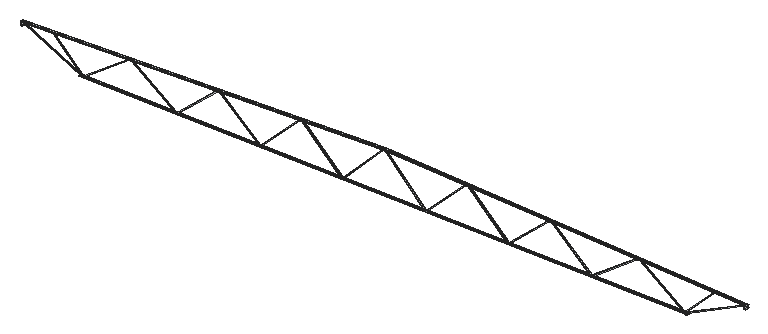
Revit family "M_Caibro de barra com duplo declive série SLH-7 Painéis", category Quadro estrutural, Revit 2019
Family settings
  Arredondamento do comprimento do framing estrutural = 1 mm
  Forma do corte = Não definido
  Material para o comportamento do modelo = Aço
  Exportar sempre como geometria = Sim
  Número OmniClass = 23.25.30.21.14.11
  Título OmniClass = Metal Joists
  ID de item do Seek = SLH-Series Double Pitch Bar Joist-7 Panel-0000-CAN-ENU
  Sempre na vertical = Sim
  Corte com vazios quando carregada = Não
  Representação simbólica = Da família
  Compartilhado = Não
  Exibir o pré-corte da família na vista da planta = Sim
Parameters (values of type "96SLH17")
  Painel variável [instance] = (Length - (Painel final * 2) - ComprimentoPainelInt) / 2  # 5503 mm
  Material estrutural = none
  Deslocamento inicial [instance] = 0 mm
  Extensão inicial [instance] = 0 mm
  Ângulo intenso = 2.00°
  LarguraPainelInt [instance] = 2 * Linear  # 4876 mm
  Deslocamento1 = Perna da corda * sin(Ângulo intenso)  # 2.216 mm
  Deslocamento [instance] = (0.5 * Length - (Deslocamento inicial - Extensão inicial)) * tan(Ângulo intenso)  # 745.558 mm
  NumPainel = 7
  M = 77
  Espessura da teia = 25 mm
  Comprimento do assento = 150 mm
  Profundidade do assento = 190 mm
  NumPainelInt [instance] = NumPainel - 2  # 5
  ComprimentoPainelInt [instance] = LarguraPainelInt * NumPainelInt  # 24380 mm
  Altura 2 [instance] = (Painel variável / 2 + LarguraPainelInt / 2) * tan(Ângulo intenso)  # 181.221 mm
  Altura 1 [instance] = LarguraPainelInt * tan(Ângulo intenso)  # 170.274 mm
  Painel final = 1.5 * Linear  # 3657 mm
  Deslocamento final [instance] = 0 mm
  Extensão final [instance] = 0 mm
  Perna da corda = 63.5 mm
  Espessura da corda = 12.5 mm
  Deslocamento da mescla [instance] = (Extensão inicial + Comprimento do assento) * tan(Ângulo intenso)  # 5.238 mm
  Assembly Code = ""
  Length [instance] = 42700 mm
  Linear = 2438 mm
Reference planes
  plane 1 "Centro (Frente/Trás)": y = 0
  plane 2: z = 0
  plane 3 "Centro (Esquerda/Direita)": x = 4.61
  plane 4 "Membro esquerdo": x = -7051.39
  plane 5 "Membro direito": x = 6760.61
  plane 6: y = 76
  plane 7: y = -76
  plane 8: z = 1219
  plane 9: z = -1219
  plane 10 "Esquerda": x = -21345.39
  plane 11 "Símbolo esquerdo de verga": x = -25484.979
  plane 12 "Símbolo direito de verga": x = 25456.61
  plane 13 "Direita": x = 21354.61
  plane 14: z = 1029
  plane 15: x = -21195.39
  plane 16: x = -17688.39
  plane 17: x = -17888.39
  plane 18: x = 21204.61
  plane 19: x = 17697.61
  plane 20: y = 12.5
  plane 21: y = -12.5
  plane 22: z = 1155.5
  plane 23: z = -1155.5
  plane 24: x = 17897.61
  plane 25: x = -19441.89
  plane 26: x = 19451.11
  plane 27: z = -1212.65
  plane 28: z = 1212.65
  plane 29: x = -21345.39
  plane 30: x = 21354.61
  plane 31: x = -21345.39
  plane 32: x = 21354.61
  plane 33: z = 473.442
  plane 34: z = 409.942
  plane 35: x = -12185.39
  plane 36: x = -7309.39
  plane 37: x = -2433.39
  plane 38: x = 2442.61
  plane 39: x = 7318.61
  plane 40: x = 12194.61
  plane 41: z = 283.442
  plane 42: z = 1048.726
  plane 43: z = 878.453
  plane 44: z = 697.231
  plane 45: x = -25484.979
  plane 46: x = -25484.979
  plane 47: x = 25456.61
  plane 48 "Direita do símbolo": x = 25456.61
Forms (mm)
  Extrusion 1, solid, material <- "Material estrutural", detail levels medium+fine
    sketch origin (4.61, 0, 0) x (0, 1, 0) y (0, 0, 1)
      loop
        line (12.5, -1155.5) -> (12.5, -1219) -> (76, -1219) -> (76, -1206.5) -> (25, -1206.5) -> (25, -1155.5) -> (12.5, -1155.5)
      loop
        line (-12.5, -1155.5) -> (-25, -1155.5) -> (-25, -1206.5) -> (-76, -1206.5) -> (-76, -1219) -> (-12.5, -1219) -> (-12.5, -1155.5)
    from -17893 to 17893
  Sweep 2, solid, material <- "Material estrutural", detail levels fine
    path in 3D
      loop
        line (17697.61, 0, -1212.65) -> (21204.61, 0, 415.18)
    profile "Teia-Perfil : Teia-Perfil" origin (19451.11, 0, -398.735) x (-0.421022, 0, 0.90705) y (0, -1, 0)
      loop
        line (-25.4, 18.85) -> (-25.4, 6.15) -> (25.4, 6.15) -> (25.4, 18.85) -> (-25.4, 18.85)
  Sweep 3, solid, material <- "Material estrutural", detail levels fine
    path in 3D
      loop
        line (19451.11, 0, 476.413) -> (17697.61, 0, -1212.65)
    profile "Teia-Perfil : Teia-Perfil" origin (18574.36, 0, -368.118) x (0.69375, 0, -0.720216) y (0, -1, 0)
      loop
        line (-25.4, 6.35) -> (-25.4, -6.35) -> (25.4, -6.35) -> (25.4, 6.35) -> (-25.4, 6.35)
  Sweep 4, solid, material <- "Material estrutural", detail levels fine
    path in 3D
      loop
        line (-21195.39, 0, 415.18) -> (-17688.39, 0, -1212.65)
    profile "Teia-Perfil : Teia-Perfil" origin (-19441.89, 0, -398.735) x (0.421022, 0, 0.90705) y (0, -1, 0)
      loop
        line (-25.4, 6.35) -> (-25.4, -6.35) -> (25.4, -6.35) -> (25.4, 6.35) -> (-25.4, 6.35)
  Sweep 5, solid, material <- "Material estrutural", detail levels fine
    path in 3D
      loop
        line (-17688.39, 0, -1212.65) -> (-19441.89, 0, 476.413)
    profile "Teia-Perfil : Teia-Perfil" origin (-18565.14, 0, -368.118) x (-0.69375, 0, -0.720216) y (0, -1, 0)
      loop
        line (-25.4, 6.35) -> (-25.4, -6.35) -> (25.4, -6.35) -> (25.4, 6.35) -> (-25.4, 6.35)
  Blend 6, solid, material <- "Material estrutural", detail levels medium+fine
    base sketch origin (-21345.39, -4572, 184.138) x (0, 0, -1) y (0, -1, 0)
      loop
        line (-225.803, -4584.5) -> (-225.803, -4597) -> (-111.803, -4597) -> (-111.803, -4648) -> (-99.303, -4648) -> (-99.303, -4584.5) -> (-225.803, -4584.5)
    top sketch origin (-21345.39, -4572, 184.138) x (0, 0, -1) y (0, -1, 0)
      loop
        line (-111.803, -4597) -> (-111.803, -4648) -> (-99.303, -4648) -> (-99.303, -4584.5) -> (-231.041, -4584.5) -> (-231.041, -4597) -> (-111.803, -4597)
    from 0 to -150
  Blend 7, solid, material <- "Material estrutural", detail levels medium+fine
    base sketch origin (-21345.39, -4572, 184.138) x (0, 0, -1) y (0, -1, 0)
      loop
        line (-289.303, -4584.5) -> (-289.303, -4648) -> (-276.803, -4648) -> (-276.803, -4597) -> (-225.803, -4597) -> (-225.803, -4584.5) -> (-289.303, -4584.5)
    top sketch origin (-21345.39, -4572, 184.138) x (0, 0, -1) y (0, -1, 0)
      loop
        line (-1034.862, -4584.5) -> (-1034.862, -4648) -> (-1022.362, -4648) -> (-1022.362, -4597) -> (-971.362, -4597) -> (-971.362, -4584.5) -> (-1034.862, -4584.5)
    from 0 to -21350
  Blend 8, solid, material <- "Material estrutural", detail levels medium+fine
    base sketch origin (-21345.39, -4572, 184.138) x (0, 0, -1) y (0, -1, 0)
      loop
        line (-289.303, -4496) -> (-289.303, -4559.5) -> (-225.803, -4559.5) -> (-225.803, -4547) -> (-276.803, -4547) -> (-276.803, -4496) -> (-289.303, -4496)
    top sketch origin (-21345.39, -4572, 184.138) x (0, 0, -1) y (0, -1, 0)
      loop
        line (-1034.862, -4559.5) -> (-971.362, -4559.5) -> (-971.362, -4547) -> (-1022.362, -4547) -> (-1022.362, -4496) -> (-1034.862, -4496) -> (-1034.862, -4559.5)
    from 0 to -21350
  Blend 9, solid, material <- "Material estrutural", detail levels medium+fine
    base sketch origin (21354.61, -4572, 849.319) x (0, 0, 1) y (0, -1, 0)
      loop
        line (-375.877, -4496) -> (-388.377, -4496) -> (-388.377, -4547) -> (-439.377, -4547) -> (-439.377, -4559.5) -> (-375.877, -4559.5) -> (-375.877, -4496)
    top sketch origin (21354.61, -4572, 849.319) x (0, 0, 1) y (0, -1, 0)
      loop
        line (357.181, -4496) -> (357.181, -4547) -> (306.181, -4547) -> (306.181, -4559.5) -> (369.681, -4559.5) -> (369.681, -4496) -> (357.181, -4496)
    from 0 to -21350
  Blend 10, solid, material <- "Material estrutural", detail levels medium+fine
    base sketch origin (21354.61, -4572, 849.319) x (0, 0, 1) y (0, -1, 0)
      loop
        line (-375.877, -4584.5) -> (-439.377, -4584.5) -> (-439.377, -4597) -> (-388.377, -4597) -> (-388.377, -4648) -> (-375.877, -4648) -> (-375.877, -4584.5)
    top sketch origin (21354.61, -4572, 849.319) x (0, 0, 1) y (0, -1, 0)
      loop
        line (357.181, -4597) -> (357.181, -4648) -> (369.681, -4648) -> (369.681, -4584.5) -> (306.181, -4584.5) -> (306.181, -4597) -> (357.181, -4597)
    from 0 to -21350
  Blend 11, solid, material <- "Material estrutural", detail levels medium+fine
    base sketch origin (-21345.39, -4572, 184.138) x (0, 0, -1) y (0, -1, 0)
      loop
        line (-225.803, -4559.5) -> (-99.303, -4559.5) -> (-99.303, -4496) -> (-111.803, -4496) -> (-111.803, -4547) -> (-225.803, -4547) -> (-225.803, -4559.5)
    top sketch origin (-21345.39, -4572, 184.138) x (0, 0, -1) y (0, -1, 0)
      loop
        line (-111.803, -4547) -> (-231.041, -4547) -> (-231.041, -4559.5) -> (-99.303, -4559.5) -> (-99.303, -4496) -> (-111.803, -4496) -> (-111.803, -4547)
    from 0 to -150
  Blend 12, solid, material <- "Material estrutural", detail levels medium+fine
    base sketch origin (21354.61, -4572, 849.319) x (0, 0, 1) y (0, -1, 0)
      loop
        line (-553.377, -4547) -> (-553.377, -4496) -> (-565.877, -4496) -> (-565.877, -4559.5) -> (-439.377, -4559.5) -> (-439.377, -4547) -> (-553.377, -4547)
    top sketch origin (21354.61, -4572, 849.319) x (0, 0, 1) y (0, -1, 0)
      loop
        line (-434.139, -4559.5) -> (-434.139, -4547) -> (-553.377, -4547) -> (-553.377, -4496) -> (-565.877, -4496) -> (-565.877, -4559.5) -> (-434.139, -4559.5)
    from 0 to -150
  Blend 13, solid, material <- "Material estrutural", detail levels medium+fine
    base sketch origin (21354.61, -4572, 849.319) x (0, 0, 1) y (0, -1, 0)
      loop
        line (-439.377, -4584.5) -> (-565.877, -4584.5) -> (-565.877, -4648) -> (-553.377, -4648) -> (-553.377, -4597) -> (-439.377, -4597) -> (-439.377, -4584.5)
    top sketch origin (21354.61, -4572, 849.319) x (0, 0, 1) y (0, -1, 0)
      loop
        line (-434.139, -4597) -> (-434.139, -4584.5) -> (-565.877, -4584.5) -> (-565.877, -4648) -> (-553.377, -4648) -> (-553.377, -4597) -> (-434.139, -4597)
    from 0 to -150
Cuts and joins
  joined: Blend 8, Blend 9
  joined: Blend 7, Blend 10
Lines and regions (mm)
  symbolic lines, style "StructuralFraming", detail levels coarse
    curve 1: line (0, 76, 1219) -> (0, 12.5, 1219)
    curve 2: line (0, -76, -1219) -> (0, -12.5, -1219)
    curve 14: line (0, 12.5, -1219) -> (0, 76, -1219)
    curve 15: line (4.61, 12.5, -1219) -> (4.61, 12.5, -1155.5)
    curve 16: line (4.61, -12.5, -1219) -> (4.61, -12.5, -1155.5)
    curve 17: line (4.61, -12.5, 1219) -> (4.61, -12.5, 1155.5)
    curve 18: line (4.61, 12.5, 1219) -> (4.61, 12.5, 1155.5)
    curve 19: line (0, -12.5, 1219) -> (0, -76, 1219)
  symbolic lines, style "StructuralFraming", detail levels coarse+medium
    curve 3: line (0, 0, -1219) -> (0, 0, 1219)
  reference lines
    curve 4: line (-25334.979, 0, -1342.508) -> (-25334.979, 0, 1298.692)
    curve 5: line (-21677.979, 0, -1348.858) -> (-21677.979, 0, 1298.692)
    curve 6: line (25306.61, 0, -1289.588) -> (25306.61, 0, 1300.812)
    curve 7: line (21649.61, 0, -1416.588) -> (21649.61, 0, 1300.812)
    curve 30: line (4.61, 0, 1219) -> (-55.353, 0, 1221.094)
    curve 31: line (4.61, 0, 1219) -> (52.104, 0, 1220.659)
  model lines, style "Caibro da teia", detail levels coarse
    curve 8: line (21649.61, 0, -1219) -> (-21677.979, 0, -1219)
    curve 9: line (25456.61, 0, 330.197) -> (4.61, 0, 1219)
    curve 24: line (-21677.979, 0, -1219) -> (-25334.979, 0, 334.122)
    curve 25: line (21649.61, 0, -1219) -> (25306.61, 0, 335.435)
    curve 32: line (4.61, 0, 1219) -> (-25484.979, 0, 328.884)
  model lines, style "StructuralFraming", detail levels medium
    curve 10: line (-17688.39, 0, -1212.65) -> (-19441.89, 0, 476.413)
    curve 11: line (-21195.39, 0, 415.18) -> (-17688.39, 0, -1212.65)
    curve 12: line (19451.11, 0, 476.413) -> (17697.61, 0, -1212.65)
    curve 13: line (17697.61, 0, -1212.65) -> (21204.61, 0, 415.18)
  sketch lines
    curve 20: line (17697.61, 0, -1212.65) -> (21204.61, 0, 415.18)
    curve 21: line (19451.11, 0, 476.413) -> (17697.61, 0, -1212.65)
    curve 22: line (-21195.39, 0, 415.18) -> (-17688.39, 0, -1212.65)
    curve 23: line (-17688.39, 0, -1212.65) -> (-19441.89, 0, 476.413)
  symbolic lines, detail levels fine
    curve 26: line (4.61, 12.5, -1212.65) -> (4.61, -12.5, -1212.65)
    curve 27: line (4.61, 12.5, -1155.5) -> (4.61, 12.5, 1155.5)
    curve 28: line (4.61, 12.5, 1212.65) -> (4.61, -12.5, 1212.65)
    curve 29: line (4.61, -12.5, -1155.5) -> (4.61, -12.5, 1155.5)
Dimensions and locks
  equal spacing: plane 9, plane 2, plane 8
  "Length": plane 10 "Esquerda" to plane 13 "Direita"
  equal spacing: plane 10 "Esquerda", plane 3 "Centro (Esquerda/Direita)", plane 13 "Direita"
  "Painel final": curve 5 to curve 4
  "Painel final": curve 6 to curve 7
  "Linear": plane 9 to plane 8
  "Profundidade do assento": plane 8 to plane 14
  locked: plane 17 to plane 16 at 200
  "Painel final": plane 13 "Direita" to plane 19
  "Espessura da teia": plane 20 to plane 21
  equal spacing: plane 20, plane 1 "Centro (Frente/Trás)", plane 21
  "Perna da corda": plane 21 to plane 7
  "Perna da corda": plane 6 to plane 20
  "Perna da corda": plane 9 to plane 23
  "Perna da corda": plane 22 to plane 8
  "Espessura da corda": plane 9 to Extrusion 1 sketch curve  (x2)
  "Espessura da corda": Extrusion 1 sketch curve to plane 20
  "Espessura da corda": plane 21 to Extrusion 1 sketch curve
  locked: plane 19 to plane 24 at 200
  locked: plane 27 to plane 9 at 6.35
  locked: plane 8 to plane 28 at 6.35
  equal spacing: plane 16, plane 25, plane 15
  equal spacing: plane 18, plane 26, plane 19
  "Extensão inicial": plane 29 to plane 31
  "Comprimento do assento": plane 31 to plane 15
  "Deslocamento inicial": plane 10 "Esquerda" to plane 31
  "Deslocamento final": plane 32 to plane 13 "Direita"
  "Comprimento do assento": plane 18 to plane 32
  "Extensão final": plane 30 to plane 32
  "Deslocamento": plane 8 to plane 33
  "Perna da corda": plane 33 to plane 34
  locked: level to plane 2 at 0
  "Painel final": plane 10 "Esquerda" to plane 16
  "Espessura da corda": Blend 7 sketch curve to Blend 7 sketch curve  (x4)
  "Espessura da corda": Blend 8 sketch curve to Blend 8 sketch curve  (x4)
  "Profundidade do assento": plane 33 to plane 41
  "Espessura da corda": Blend 6 sketch curve to Blend 6 sketch curve  (x4)
  "Deslocamento da mescla": Blend 6 sketch curve to plane 34
  "Espessura da corda": Blend 11 sketch curve to Blend 11 sketch curve  (x2)
  "Deslocamento da mescla": plane 34 to Blend 11 sketch curve
  equal spacing: plane 8, plane 42, plane 43
  "Altura 1": plane 8 to plane 42
  "Altura 2": plane 43 to plane 44
  nested 1 to plane 35 = 5503 mm
  "Painel variável": plane 16 to plane 35
  "Painel variável": plane 19 to plane 40
  equal spacing: plane 40, plane 39, plane 38, plane 37, plane 36, plane 35
  "Comprimento do assento": curve 4 to plane 46
  "Extensão inicial": plane 46 to plane 45
  "Deslocamento inicial": plane 46 to plane 11 "Símbolo esquerdo de verga"
  "Comprimento do assento": plane 47 to curve 6
  "Extensão final": plane 48 "Direita do símbolo" to plane 47
  "Deslocamento final": plane 12 "Símbolo direito de verga" to plane 47
  "Ângulo intenso": angle curve 30 to plane 8
  "Ângulo intenso": angle plane 8 to curve 31
  aligned and locked: curve 8 to plane 9
  aligned and locked: curve 5 to curve 8
  aligned and locked: plane 9 to Extrusion 1 sketch curve
  aligned and locked: Extrusion 1 sketch curve to plane 9
  aligned and locked: Extrusion 1 sketch curve to plane 6
  aligned and locked: Extrusion 1 sketch curve to plane 7
  aligned and locked: plane 20 to Extrusion 1 sketch curve
  aligned and locked: plane 21 to Extrusion 1 sketch curve
  aligned and locked: Extrusion 1 sketch curve to plane 23
  aligned and locked: plane 23 to Extrusion 1 sketch curve
  aligned and locked: Extrusion 1 to plane 24
  aligned and locked: plane 17 to Extrusion 1
  aligned and locked: Extrusion 1 to curve 15
  aligned and locked: curve 15 to Extrusion 1
  aligned and locked: curve 2 to curve 16
  aligned and locked: curve 16 to Extrusion 1
  aligned and locked: plane 8 to curve 30
  aligned and locked: plane 3 "Centro (Esquerda/Direita)" to curve 31
  aligned and locked: plane 15 to Blend 6
  aligned and locked: plane 29 to Blend 6
  aligned and locked: plane 33 to Blend 7 sketch curve
  aligned and locked: plane 20 to Blend 7 sketch curve  (x2)
  aligned and locked: Blend 7 sketch curve to plane 34
  aligned and locked: plane 6 to Blend 7 sketch curve
  aligned and locked: plane 22 to Blend 7 sketch curve
  aligned and locked: Blend 7 sketch curve to plane 6
  aligned and locked: Blend 7 sketch curve to plane 8
  aligned and locked: plane 3 "Centro (Esquerda/Direita)" to Blend 7
  aligned and locked: plane 29 to Blend 7
  aligned and locked: Blend 8 sketch curve to plane 7  (x2)
  aligned and locked: plane 33 to Blend 8 sketch curve
  aligned and locked: Blend 8 sketch curve to plane 21
  aligned and locked: Blend 8 sketch curve to plane 34
  aligned and locked: plane 8 to Blend 8 sketch curve
  aligned and locked: plane 21 to Blend 8 sketch curve
  aligned and locked: Blend 8 sketch curve to plane 22
  aligned and locked: plane 3 "Centro (Esquerda/Direita)" to Blend 8
  aligned and locked: plane 29 to Blend 8
  aligned and locked: Blend 9 sketch curve to Blend 8  (x11)
  aligned and locked: Blend 8 to Blend 9 sketch curve
  aligned and locked: Blend 9 to plane 3 "Centro (Esquerda/Direita)"
  aligned and locked: plane 30 to Blend 9
  aligned and locked: Blend 10 sketch curve to Blend 7  (x10)
  aligned and locked: Blend 7 to Blend 10 sketch curve  (x2)
  aligned and locked: Blend 10 to plane 3 "Centro (Esquerda/Direita)"
  aligned and locked: plane 30 to cut or joined group of Blend 8, Blend 9
  aligned and locked: plane 30 to Blend 10
  aligned and locked: plane 34 to Blend 6 sketch curve
  aligned and locked: plane 6 to Blend 6 sketch curve  (x2)
  aligned and locked: Blend 6 sketch curve to plane 41  (x2)
  aligned and locked: plane 20 to Blend 6 sketch curve  (x2)
  aligned and locked: plane 7 to Blend 11 sketch curve
  aligned and locked: plane 41 to Blend 11 sketch curve
  aligned and locked: plane 21 to Blend 11 sketch curve
  aligned and locked: Blend 11 sketch curve to plane 34
  aligned and locked: Blend 11 sketch curve to var sketch  (x5)
  aligned and locked: plane 15 to Blend 11
  aligned and locked: plane 29 to Blend 11
  aligned and locked: Blend 11 to plane 29
  aligned and locked: Blend 11 to plane 15
  aligned and locked: Blend 12 sketch curve to Blend 11  (x10)
  aligned and locked: Blend 11 to Blend 12 sketch curve
  aligned and locked: plane 34 to Blend 12 sketch curve
  aligned and locked: Blend 13 sketch curve to Blend 6  (x12)
  aligned and locked: Blend 12 to plane 18
  aligned and locked: Blend 13 to plane 18
  aligned and locked: plane 30 to Blend 12
  aligned and locked: plane 30 to Blend 13
  aligned and locked: nested 1 to plane 1 "Centro (Frente/Trás)"
  aligned and locked: nested 2 to plane 1 "Centro (Frente/Trás)"
  aligned and locked: plane 1 "Centro (Frente/Trás)" to nested 3
  aligned and locked: plane 37 to nested 3
  aligned and locked: nested 3 to plane 8
  aligned and locked: nested 1 to plane 16
  aligned and locked: plane 15 to curve 11
  aligned and locked: cut or joined group of Blend 8, Blend 9 to curve 11
  aligned and locked: plane 25 to curve 10
  aligned and locked: cut or joined group of Blend 8, Blend 9 to curve 10
  aligned and locked: plane 16 to curve 10
  aligned and locked: plane 27 to curve 10
  aligned and locked: plane 26 to curve 12
  aligned and locked: cut or joined group of Blend 8, Blend 9 to curve 12
  aligned and locked: plane 19 to curve 12
  aligned and locked: plane 18 to curve 13
  aligned and locked: cut or joined group of Blend 8, Blend 9 to curve 13
  aligned and locked: curve 13 to plane 27
  aligned and locked: curve 9 to curve 30
  aligned and locked: curve 32 to curve 31
  aligned and locked: curve 24 to plane 9
  aligned and locked: curve 7 to curve 25
  aligned and locked: plane 40 to nested 2
  aligned and locked: nested 1 to plane 9
  aligned and locked: plane 9 to nested 2
  aligned and locked: curve 4 to curve 24
  aligned and locked: curve 6 to curve 25
  aligned and locked: nested 4 to plane 1 "Centro (Frente/Trás)"
  aligned and locked: plane 1 "Centro (Frente/Trás)" to nested 5
  aligned and locked: nested 6 to plane 1 "Centro (Frente/Trás)"
  aligned and locked: nested 7 to plane 1 "Centro (Frente/Trás)"
  aligned and locked: plane 36 to nested 5
  aligned and locked: nested 5 to plane 42
  aligned and locked: plane 9 to nested 5
  aligned and locked: plane 35 to nested 4
  aligned and locked: nested 4 to plane 43
  aligned and locked: plane 9 to nested 4
  aligned and locked: nested 1 to plane 44
  aligned and locked: plane 38 to nested 6
  aligned and locked: nested 6 to plane 42
  aligned and locked: plane 9 to nested 6
  aligned and locked: plane 39 to nested 7
  aligned and locked: nested 7 to plane 43
  aligned and locked: plane 9 to nested 7
  aligned and locked: nested 2 to plane 44
  aligned and locked: nested 2 to plane 19
  aligned and locked: nested 7 to plane 40
  aligned and locked: plane 45 to curve 32
  aligned and locked: plane 48 "Direita do símbolo" to curve 9
Automatic sketch dimensions
  curve 2 to plane 7 = 0 mm
  curve 2 to plane 9 = 0 mm
  curve 2 to plane 21 = 0 mm
  curve 3 to plane 1 "Centro (Frente/Trás)" = 0 mm
  curve 3 to plane 9 = 0 mm
  curve 26 to plane 27 = 0 mm
  curve 29 to plane 23 = 0 mm
  curve 15 to plane 23 = 0 mm
  curve 17 to plane 22 = 0 mm
  curve 27 to plane 22 = 0 mm
  curve 28 to plane 28 = 0 mm
  curve 3 to plane 8 = 0 mm
  curve 18 to plane 8 = 0 mm
  curve 17 to plane 8 = 0 mm
  curve 14 to plane 6 = 0 mm
  curve 1 to plane 6 = 0 mm
  curve 14 to plane 9 = 0 mm
  curve 14 to plane 20 = 0 mm
  curve 1 to plane 8 = 0 mm
  curve 1 to plane 20 = 0 mm
  curve 19 to plane 8 = 0 mm
  curve 19 to plane 21 = 0 mm
  curve 19 to plane 7 = 0 mm
  plane 9 to curve 7 = 197.588 mm
  plane 9 to curve 5 = 129.858 mm
  plane 9 to curve 4 = 123.508 mm
  plane 9 to curve 6 = 70.588 mm
  curve 5 to plane 8 = 79.692 mm
  curve 4 to plane 8 = 79.692 mm
  curve 7 to plane 8 = 81.812 mm
  curve 6 to plane 8 = 81.812 mm
Nested families
  nested 1: "Teia angular-Variável" at (-17688.39, 0, -260.884), LarguraPainel <- "Painel variável", type "Teia angular-Variável"
    with LarguraPainel 5503 mm, AlturaPainel 1916.231 mm
  nested 2: "Teia angular-Variável" at (17697.61, 0, -260.884) x (-1, 0, 0) z (0, 0, 1), LarguraPainel <- "Painel variável", type "Teia angular-Variável"
    with LarguraPainel 5503 mm, AlturaPainel 1916.231 mm
  nested 3: "Teia angular-Centro" at (-2433.39, 0, 0.386), AlturaPainel <- "Linear", type "Teia angular-Centro"
    with AlturaPainel 2438 mm
  nested 4: "Teia angular" at (-12185.39, 0, -170.274), type "Teia angular"
    with AlturaPainel 2097.453 mm
  nested 5: "Teia angular" at (-7309.39, 0, -85.137), type "Teia angular"
    with AlturaPainel 2267.726 mm
  nested 6: "Teia angular" at (7318.61, 0, -85.137) x (-1, 0, 0) z (0, 0, 1), type "Teia angular"
    with AlturaPainel 2267.726 mm
  nested 7: "Teia angular" at (12194.61, 0, -170.274) x (-1, 0, 0) z (0, 0, 1), type "Teia angular"
    with AlturaPainel 2097.453 mm
Definition of nested family "Teia angular-Variável"
  Parameters
    MaterialTeia = none
    Espessura da teia = Espessura / 2  # 12.5 mm
    Deslocamento da teia = Perna da teia / 2  # 25.4 mm
    Perna da teia = 50.8 mm
    Deslocamento da espessura = Espessura / cos(Ângulo intenso)  # 25.015 mm
    Espessura = 25 mm
    Ângulo intenso = 2.00°
    AlturaPainel [instance] = 1320.998 mm
    LarguraPainel [instance] = 1948.557 mm
    Distância = Deslocamento da teia * cos(Ângulo intenso)  # 25.385 mm
    Assembly Code = ""
  Reference planes
    plane 1 "Centro (Frente/Trás)": y = 0
    plane 2: z = 0
    plane 3 "Centro (Esquerda/Direita)": x = 0
    plane 4: x = 1948.557
    plane 5: x = 974.279
    plane 6: z = -660.499
    plane 7: z = -635.099
    plane 8: z = 635.484
    plane 9: z = 660.499
    plane 10: y = -12.5
    plane 11: y = 12.5
    plane 12: z = 596.999
    plane 13: z = -596.999
  Forms (mm)
    Sweep 1, solid, material <- "MaterialTeia", detail levels fine
      path in 3D
        loop
          line (-0.001, 0, -635.099) -> (25.4, 0, -635.099) -> (948.894, 0, 634.598) -> (999.663, 0, 636.37)
      profile origin (12.7, 0, -635.099) x (0, 0, 1) y (0, -1, 0)
        loop
          line (25.4, 0) -> (25.4, 12.5) -> (-25.4, 12.5) -> (-25.4, 0) -> (25.4, 0)
    Sweep 2, solid, material <- "MaterialTeia", detail levels fine
      path in 3D
        loop
          line (1948.556, 0, -635.099) -> (1923.157, 0, -635.099) -> (999.663, 0, 636.37) -> (948.894, 0, 634.598)
      profile origin (1935.857, 0, -635.099) x (0, 0, -1) y (0, -1, 0)
        loop
          line (-25.4, -12.5) -> (25.4, -12.5) -> (25.4, 0) -> (-25.4, 0) -> (-25.4, -12.5)
    Sweep 3, solid, material <- "MaterialTeia", detail levels fine
      path in 3D
        loop
          line (91.156, -12.5, -587.875) -> (951.589, -12.5, 595.12)
      profile origin (521.372, -12.5, 3.623) x (-0.808712, 0, 0.588204) y (0, -1, 0)
        loop
          line (0, 0) -> (12.5, 0) -> (12.5, 38.3) -> (0, 38.3) -> (0, 0)
    Sweep 4, solid, material <- "MaterialTeia", detail levels fine
      path in 3D
        loop
          line (1857.439, 12.5, -587.84) -> (997.605, 12.5, 595.983)
      profile origin (1427.522, 12.5, 4.071) x (0.809103, 0, 0.587667) y (0, 1, 0)
        loop
          line (0, 0) -> (12.5, 0) -> (12.5, 38.3) -> (0, 38.3) -> (0, 0)
  Cuts and joins
    joined: Sweep 1, Sweep 3
    joined: Sweep 2, Sweep 4
  Lines and regions (mm)
    model lines, detail levels medium+fine
      curve 1: line (-0.001, 0, -660.499) -> (-0.001, 0, 626.477)
      curve 2: line (1948.556, 0, 694.522) -> (1948.556, 0, -660.499)
      curve 3: line (1948.556, 0, -660.499) -> (-0.001, 0, -660.499)
      curve 18: line (974.279, 0, 660.499) -> (-0.001, 0, 626.477)
      curve 19: line (974.279, 0, 660.499) -> (1948.556, 0, 694.522)
    model lines, detail levels medium
      curve 4: line (948.894, 0, 634.598) -> (999.663, 0, 636.37)
      curve 5: line (-0.001, 0, -635.099) -> (25.4, 0, -635.099)
      curve 6: line (1948.556, 0, -635.099) -> (1923.157, 0, -635.099)
      curve 7: line (25.4, 0, -635.099) -> (948.894, 0, 634.598)
      curve 8: line (999.663, 0, 636.37) -> (1923.157, 0, -635.099)
    sketch lines
      curve 9: line (-0.001, 0, -635.099) -> (25.4, 0, -635.099)
      curve 10: line (25.4, 0, -635.099) -> (948.894, 0, 634.598)
      curve 11: line (948.894, 0, 634.598) -> (999.663, 0, 636.37)
      curve 12: line (1948.556, 0, -635.099) -> (1923.157, 0, -635.099)
      curve 13: line (999.663, 0, 636.37) -> (1923.157, 0, -635.099)
      curve 14: line (948.894, 0, 634.598) -> (999.663, 0, 636.37)
      curve 15: line (91.156, -12.5, -587.875) -> (951.589, -12.5, 595.12)
      curve 16: line (1857.439, 12.5, -587.84) -> (997.605, 12.5, 595.983)
    reference lines
      curve 17: line (974.279, 0, 635.484) -> (1107.547, 0, 640.138)
  Dimensions and locks
    "LarguraPainel": plane 4 to plane 3 "Centro (Esquerda/Direita)"
    equal spacing: plane 4, plane 5, plane 3 "Centro (Esquerda/Direita)"
    plane 7 to plane 6 = 25.4 mm
    "Deslocamento da espessura": plane 9 to plane 8
    "AlturaPainel": plane 9 to plane 6
    equal spacing: plane 9, plane 2, plane 6
    "Espessura": plane 11 to plane 10
    equal spacing: plane 11, plane 1 "Centro (Frente/Trás)", plane 10
    locked: plane 9 to plane 12 at 63.5
    plane 13 to plane 6 = 63.5 mm
    "Deslocamento da teia": plane 7 to plane 6
    "Deslocamento da teia": curve 5 to plane 3 "Centro (Esquerda/Direita)"
    "Deslocamento da teia": curve 6 to plane 4
    "Distância": plane 5 to curve 4
    "Distância": curve 4 to plane 5
    "Perna da teia": Sweep 1 sketch curve to Sweep 1 sketch curve
    equal spacing: Sweep 1 sketch curve, plane 7, Sweep 1 sketch curve
    equal spacing: Sweep 2 sketch curve, profile plane, Sweep 2 sketch curve
    "Perna da teia": Sweep 2 sketch curve to Sweep 2 sketch curve
    "Perna da teia": plane 1 "Centro (Frente/Trás)" to Sweep 3 sketch curve
    "Espessura da teia": Sweep 3 sketch curve to Sweep 3 sketch curve
    "Perna da teia": plane 1 "Centro (Frente/Trás)" to Sweep 4 sketch curve
    "Espessura da teia": Sweep 4 sketch curve to Sweep 4 sketch curve
    "Ângulo intenso": angle plane 8 to curve 17
    "Ângulo intenso": angle plane 9 to curve 18
    "Ângulo intenso": angle plane 9 to curve 19
    aligned and locked: curve 6 to plane 7
    aligned and locked: plane 7 to curve 5
    aligned and locked: plane 10 to Sweep 1 sketch curve
    aligned and locked: Sweep 1 sketch curve to plane 1 "Centro (Frente/Trás)"
    aligned and locked: Sweep 2 sketch curve to plane 11
    aligned and locked: profile plane to Sweep 2 sketch curve
    aligned and locked: Sweep 1 to curve 15
    aligned and locked: Sweep 3 sketch curve to profile plane
    aligned and locked: plane 10 to Sweep 3 sketch curve
    aligned and locked: plane 11 to Sweep 4 sketch curve
    aligned and locked: profile plane to Sweep 4 sketch curve
    aligned and locked: curve 17 to plane 5
    aligned and locked: plane 8 to curve 17
    aligned and locked: curve 4 to curve 17
    aligned and locked: plane 9 to curve 18
    aligned and locked: curve 19 to plane 5
  Automatic sketch dimensions
    curve 2 to plane 6 = 0 mm
    plane 4 to curve 2 = 0.001 mm
    curve 5 to plane 3 "Centro (Esquerda/Direita)" = 0.001 mm
Definition of nested family "Teia angular-Centro"
  Parameters
    MaterialTeia = none
    Espessura da teia = Espessura / 2  # 12.5 mm
    Deslocamento da teia = Perna da teia / 2  # 25.4 mm
    Perna da teia = 50.8 mm
    Deslocamento da espessura = Espessura / cos(Ângulo intenso)  # 25.015 mm
    Espessura = 25 mm
    Ângulo intenso = 2.00°
    AlturaPainel [instance] = 1320.998 mm
    LarguraPainel = 4876 mm
    Distância = Deslocamento da teia * cos(Ângulo intenso)  # 25.385 mm
    Assembly Code = ""
  Reference planes
    plane 1 "Centro (Frente/Trás)": y = 0
    plane 2: z = -0.386
    plane 3 "Centro (Esquerda/Direita)": x = 0
    plane 4: x = 4876
    plane 5: x = 2438
    plane 6: z = -660.885
    plane 7: z = -635.485
    plane 8: z = 635.114
    plane 9: z = 660.114
    plane 10: y = -12.5
    plane 11: y = 12.5
    plane 12: z = 596.614
    plane 13: z = -596.999
  Forms (mm)
    Sweep 1, solid, material <- "MaterialTeia", detail levels fine
      path in 3D
        loop
          line (-0.001, 0, -635.485) -> (25.4, 0, -635.485) -> (2412.6, 0, 635.114) -> (2463.4, 0, 635.114)
      profile origin (12.7, 0, -635.485) x (0, 0, 1) y (0, -1, 0)
        loop
          line (25.4, 0) -> (25.4, 12.5) -> (-25.4, 12.5) -> (-25.4, 0) -> (25.4, 0)
    Sweep 2, solid, material <- "MaterialTeia", detail levels fine
      path in 3D
        loop
          line (4875.999, 0, -635.485) -> (4850.6, 0, -635.485) -> (2463.4, 0, 635.114) -> (2412.6, 0, 635.114)
      profile origin (4863.3, 0, -635.485) x (0, 0, -1) y (0, -1, 0)
        loop
          line (-25.4, -12.5) -> (25.4, -12.5) -> (25.4, 0) -> (-25.4, 0) -> (-25.4, -12.5)
    Sweep 3, solid, material <- "MaterialTeia", detail levels fine
      path in 3D
        loop
          line (111.012, -12.5, -618.691) -> (2403.084, -12.5, 601.275)
      profile origin (1257.048, -12.5, -8.708) x (-0.469847, 0, 0.882748) y (0, -1, 0)
        loop
          line (0, 0) -> (12.5, 0) -> (12.5, 38.3) -> (0, 38.3) -> (0, 0)
    Sweep 4, solid, material <- "MaterialTeia", detail levels fine
      path in 3D
        loop
          line (4764.988, 12.5, -618.691) -> (2472.916, 12.5, 601.275)
      profile origin (3618.952, 12.5, -8.708) x (0.469847, 0, 0.882748) y (0, 1, 0)
        loop
          line (0, 0) -> (12.5, 0) -> (12.5, 38.3) -> (0, 38.3) -> (0, 0)
  Cuts and joins
    joined: Sweep 1, Sweep 3
    joined: Sweep 2, Sweep 4
  Lines and regions (mm)
    model lines, detail levels medium+fine
      curve 1: line (-0.001, 0, -660.885) -> (-0.001, 0, 574.977)
      curve 2: line (4875.999, 0, 574.977) -> (4875.999, 0, -660.885)
      curve 3: line (4875.999, 0, -660.885) -> (-0.001, 0, -660.885)
      curve 17: line (2438, 0, 660.114) -> (-0.001, 0, 574.977)
      curve 18: line (2438, 0, 660.114) -> (4875.999, 0, 574.977)
    model lines, detail levels medium
      curve 4: line (2412.6, 0, 635.114) -> (2463.4, 0, 635.114)
      curve 5: line (-0.001, 0, -635.485) -> (25.4, 0, -635.485)
      curve 6: line (4875.999, 0, -635.485) -> (4850.6, 0, -635.485)
      curve 7: line (25.4, 0, -635.485) -> (2412.6, 0, 635.114)
      curve 8: line (2463.4, 0, 635.114) -> (4850.6, 0, -635.485)
    sketch lines
      curve 9: line (-0.001, 0, -635.485) -> (25.4, 0, -635.485)
      curve 10: line (25.4, 0, -635.485) -> (2412.6, 0, 635.114)
      curve 11: line (2412.6, 0, 635.114) -> (2463.4, 0, 635.114)
      curve 12: line (4875.999, 0, -635.485) -> (4850.6, 0, -635.485)
      curve 13: line (2463.4, 0, 635.114) -> (4850.6, 0, -635.485)
      curve 14: line (2412.6, 0, 635.114) -> (2463.4, 0, 635.114)
      curve 15: line (111.012, -12.5, -618.691) -> (2403.084, -12.5, 601.275)
      curve 16: line (4764.988, 12.5, -618.691) -> (2472.916, 12.5, 601.275)
  Dimensions and locks
    "LarguraPainel": plane 4 to plane 3 "Centro (Esquerda/Direita)"
    equal spacing: plane 4, plane 5, plane 3 "Centro (Esquerda/Direita)"
    plane 7 to plane 6 = 25.4 mm
    "Espessura": plane 9 to plane 8
    "AlturaPainel": plane 9 to plane 6
    equal spacing: plane 9, plane 2, plane 6
    "Espessura": plane 11 to plane 10
    equal spacing: plane 11, plane 1 "Centro (Frente/Trás)", plane 10
    locked: plane 9 to plane 12 at 63.5
    plane 13 to plane 6 = 63.886 mm
    "Deslocamento da teia": plane 7 to plane 6
    "Deslocamento da teia": curve 5 to plane 3 "Centro (Esquerda/Direita)"
    "Deslocamento da teia": curve 6 to plane 4
    "Perna da teia": Sweep 1 sketch curve to Sweep 1 sketch curve
    equal spacing: Sweep 1 sketch curve, plane 7, Sweep 1 sketch curve
    equal spacing: Sweep 2 sketch curve, profile plane, Sweep 2 sketch curve
    "Perna da teia": Sweep 2 sketch curve to Sweep 2 sketch curve
    "Perna da teia": plane 1 "Centro (Frente/Trás)" to Sweep 3 sketch curve
    "Espessura da teia": Sweep 3 sketch curve to Sweep 3 sketch curve
    "Perna da teia": plane 1 "Centro (Frente/Trás)" to Sweep 4 sketch curve
    "Espessura da teia": Sweep 4 sketch curve to Sweep 4 sketch curve
    equal spacing: curve 4, plane 5, curve 4
    "Deslocamento da teia": curve 4 to plane 5
    "Ângulo intenso": angle plane 9 to curve 17
    "Ângulo intenso": angle curve 18 to plane 9
    aligned and locked: curve 6 to plane 7
    aligned and locked: plane 7 to curve 5
    aligned and locked: plane 10 to Sweep 1 sketch curve
    aligned and locked: Sweep 1 sketch curve to plane 1 "Centro (Frente/Trás)"
    aligned and locked: Sweep 2 sketch curve to plane 11
    aligned and locked: profile plane to Sweep 2 sketch curve
    aligned and locked: Sweep 1 to curve 15
    aligned and locked: Sweep 3 sketch curve to profile plane
    aligned and locked: plane 10 to Sweep 3 sketch curve
    aligned and locked: plane 11 to Sweep 4 sketch curve
    aligned and locked: profile plane to Sweep 4 sketch curve
    aligned and locked: curve 17 to plane 9
    aligned and locked: curve 18 to plane 5
  Automatic sketch dimensions
    curve 3 to plane 6 = 0 mm
    curve 1 to plane 3 "Centro (Esquerda/Direita)" = 0.001 mm
    plane 4 to curve 3 = 0.001 mm
    plane 8 to curve 7 = 0 mm
Definition of nested family "Teia angular"
  Parameters
    MaterialTeia = none
    Espessura da teia = Espessura / 2  # 12.5 mm
    Deslocamento da teia = Perna da teia / 2  # 25.4 mm
    Perna da teia = 50.8 mm
    Deslocamento da espessura = Espessura / cos(Ângulo intenso)  # 25.015 mm
    Espessura = 25 mm
    Ângulo intenso = 2.00°
    AlturaPainel [instance] = 1320.998 mm
    LarguraPainel = 4876 mm
    Distância = Deslocamento da teia * cos(Ângulo intenso)  # 25.385 mm
    Assembly Code = ""
  Reference planes
    plane 1 "Centro (Frente/Trás)": y = 0
    plane 2: z = 0
    plane 3 "Centro (Esquerda/Direita)": x = 0
    plane 4: x = 4876
    plane 5: x = 2438
    plane 6: z = -660.499
    plane 7: z = -635.099
    plane 8: z = 635.484
    plane 9: z = 660.499
    plane 10: y = -12.5
    plane 11: y = 12.5
    plane 12: z = 596.999
    plane 13: z = -596.999
  Forms (mm)
    Sweep 1, solid, material <- "MaterialTeia", detail levels fine
      path in 3D
        loop
          line (-0.001, 0, -635.099) -> (25.4, 0, -635.099) -> (2412.615, 0, 634.598) -> (2463.385, 0, 636.37)
      profile origin (12.7, 0, -635.099) x (0, 0, 1) y (0, -1, 0)
        loop
          line (25.4, 0) -> (25.4, 12.5) -> (-25.4, 12.5) -> (-25.4, 0) -> (25.4, 0)
    Sweep 2, solid, material <- "MaterialTeia", detail levels fine
      path in 3D
        loop
          line (4875.999, 0, -635.099) -> (4850.6, 0, -635.099) -> (2463.385, 0, 636.37) -> (2412.615, 0, 634.598)
      profile origin (4863.3, 0, -635.099) x (0, 0, -1) y (0, -1, 0)
        loop
          line (-25.4, -12.5) -> (25.4, -12.5) -> (25.4, 0) -> (-25.4, 0) -> (-25.4, -12.5)
    Sweep 3, solid, material <- "MaterialTeia", detail levels fine
      path in 3D
        loop
          line (111.02, -12.5, -618.329) -> (2403.507, -12.5, 600.984)
      profile origin (1257.264, -12.5, -8.673) x (-0.469585, 0, 0.882888) y (0, -1, 0)
        loop
          line (0, 0) -> (12.5, 0) -> (12.5, 38.3) -> (0, 38.3) -> (0, 0)
    Sweep 4, solid, material <- "MaterialTeia", detail levels fine
      path in 3D
        loop
          line (4764.996, 12.5, -618.283) -> (2473.312, 12.5, 602.305)
      profile origin (3619.154, 12.5, -7.989) x (0.470095, 0, 0.882616) y (0, 1, 0)
        loop
          line (0, 0) -> (12.5, 0) -> (12.5, 38.3) -> (0, 38.3) -> (0, 0)
  Cuts and joins
    joined: Sweep 1, Sweep 3
    joined: Sweep 2, Sweep 4
  Lines and regions (mm)
    model lines, detail levels medium+fine
      curve 1: line (-0.001, 0, -660.499) -> (-0.001, 0, 575.362)
      curve 2: line (4875.999, 0, 745.636) -> (4875.999, 0, -660.499)
      curve 3: line (4875.999, 0, -660.499) -> (-0.001, 0, -660.499)
      curve 18: line (2438, 0, 660.499) -> (-0.001, 0, 575.362)
      curve 19: line (2438, 0, 660.499) -> (4875.999, 0, 745.636)
    model lines, detail levels medium
      curve 4: line (2412.615, 0, 634.598) -> (2463.385, 0, 636.37)
      curve 5: line (-0.001, 0, -635.099) -> (25.4, 0, -635.099)
      curve 6: line (4875.999, 0, -635.099) -> (4850.6, 0, -635.099)
      curve 7: line (25.4, 0, -635.099) -> (2412.615, 0, 634.598)
      curve 8: line (2463.385, 0, 636.37) -> (4850.6, 0, -635.099)
    sketch lines
      curve 9: line (-0.001, 0, -635.099) -> (25.4, 0, -635.099)
      curve 10: line (25.4, 0, -635.099) -> (2412.615, 0, 634.598)
      curve 11: line (2412.615, 0, 634.598) -> (2463.385, 0, 636.37)
      curve 12: line (4875.999, 0, -635.099) -> (4850.6, 0, -635.099)
      curve 13: line (2463.385, 0, 636.37) -> (4850.6, 0, -635.099)
      curve 14: line (2412.615, 0, 634.598) -> (2463.385, 0, 636.37)
      curve 15: line (111.02, -12.5, -618.329) -> (2403.507, -12.5, 600.984)
      curve 16: line (4764.996, 12.5, -618.283) -> (2473.312, 12.5, 602.305)
    reference lines
      curve 17: line (2438, 0, 635.484) -> (2571.269, 0, 640.138)
  Dimensions and locks
    "LarguraPainel": plane 4 to plane 3 "Centro (Esquerda/Direita)"
    equal spacing: plane 4, plane 5, plane 3 "Centro (Esquerda/Direita)"
    plane 7 to plane 6 = 25.4 mm
    "Deslocamento da espessura": plane 9 to plane 8
    "AlturaPainel": plane 9 to plane 6
    equal spacing: plane 9, plane 2, plane 6
    "Espessura": plane 11 to plane 10
    equal spacing: plane 11, plane 1 "Centro (Frente/Trás)", plane 10
    locked: plane 9 to plane 12 at 63.5
    plane 13 to plane 6 = 63.5 mm
    "Deslocamento da teia": plane 7 to plane 6
    "Deslocamento da teia": curve 5 to plane 3 "Centro (Esquerda/Direita)"
    "Deslocamento da teia": curve 6 to plane 4
    "Distância": plane 5 to curve 4
    "Distância": curve 4 to plane 5
    "Perna da teia": Sweep 1 sketch curve to Sweep 1 sketch curve
    equal spacing: Sweep 1 sketch curve, plane 7, Sweep 1 sketch curve
    equal spacing: Sweep 2 sketch curve, profile plane, Sweep 2 sketch curve
    "Perna da teia": Sweep 2 sketch curve to Sweep 2 sketch curve
    "Perna da teia": plane 1 "Centro (Frente/Trás)" to Sweep 3 sketch curve
    "Espessura da teia": Sweep 3 sketch curve to Sweep 3 sketch curve
    "Perna da teia": plane 1 "Centro (Frente/Trás)" to Sweep 4 sketch curve
    "Espessura da teia": Sweep 4 sketch curve to Sweep 4 sketch curve
    "Ângulo intenso": angle plane 8 to curve 17
    "Ângulo intenso": angle plane 9 to curve 18
    "Ângulo intenso": angle plane 9 to curve 19
    aligned and locked: curve 6 to plane 7
    aligned and locked: plane 7 to curve 5
    aligned and locked: plane 10 to Sweep 1 sketch curve
    aligned and locked: Sweep 1 sketch curve to plane 1 "Centro (Frente/Trás)"
    aligned and locked: Sweep 2 sketch curve to plane 11
    aligned and locked: profile plane to Sweep 2 sketch curve
    aligned and locked: Sweep 1 to curve 15
    aligned and locked: Sweep 3 sketch curve to profile plane
    aligned and locked: plane 10 to Sweep 3 sketch curve
    aligned and locked: plane 11 to Sweep 4 sketch curve
    aligned and locked: profile plane to Sweep 4 sketch curve
    aligned and locked: curve 17 to plane 5
    aligned and locked: plane 8 to curve 17
    aligned and locked: curve 4 to curve 17
    aligned and locked: curve 18 to plane 9
    aligned and locked: curve 19 to plane 5
  Automatic sketch dimensions
    curve 2 to plane 6 = 0 mm
    plane 4 to curve 2 = 0.001 mm
    curve 5 to plane 3 "Centro (Esquerda/Direita)" = 0.001 mm
Types in the file's own list only (35): name | Deslocamento1 | M | Painel final | Perna da corda | Espessura da corda | Linear
  80SLH15 | 2 mm | 60 | 3048 mm | 64 mm | 13 mm | 2032 mm
  80SLH16 | 2 mm | 69 | 3048 mm | 64 mm | 13 mm | 2032 mm
  80SLH17 | 2 mm | 79 | 3048 mm | 64 mm | 13 mm | 2032 mm
  80SLH18 | 2 mm | 89 | 3048 mm | 64 mm | 13 mm | 2032 mm
  80SLH19 | 2 mm | 100 | 3048 mm | 64 mm | 13 mm | 2032 mm
  80SLH20 | 2 mm | 112 | 3048 mm | 64 mm | 13 mm | 2032 mm
  88SLH16 | 2 mm | 69 | 3353 mm | 64 mm | 13 mm | 2235 mm
  88SLH17 | 2 mm | 76 | 3353 mm | 64 mm | 13 mm | 2235 mm
  88SLH18 | 2 mm | 86 | 3353 mm | 64 mm | 13 mm | 2235 mm
  88SLH19 | 2 mm | 97 | 3353 mm | 64 mm | 13 mm | 2235 mm
  88SLH20 | 2 mm | 113 | 3353 mm | 64 mm | 13 mm | 2235 mm
  88SLH21 | 2 mm | 133 | 3353 mm | 64 mm | 13 mm | 2235 mm
  96SLH18 | 2 mm | 86 | 3657 mm | 64 mm | 13 mm | 2438 mm
  96SLH19 | 2 mm | 98 | 3657 mm | 64 mm | 13 mm | 2438 mm
  96SLH20 | 2 mm | 110 | 3657 mm | 64 mm | 13 mm | 2438 mm
  96SLH21 | 2 mm | 134 | 3657 mm | 64 mm | 13 mm | 2438 mm
  96SLH22 | 2 mm | 152 | 3657 mm | 64 mm | 13 mm | 2438 mm
  104SLH18 | 2 mm | 88 | 3963 mm | 64 mm | 13 mm | 2642 mm
  104SLH19 | 2 mm | 100 | 3963 mm | 64 mm | 13 mm | 2642 mm
  104SLH20 | 2 mm | 112 | 3963 mm | 64 mm | 13 mm | 2642 mm
  104SLH21 | 2 mm | 134 | 3963 mm | 64 mm | 13 mm | 2642 mm
  104SLH22 | 2 mm | 155 | 3963 mm | 64 mm | 13 mm | 2642 mm
  104SLH23 | 2 mm | 162 | 3963 mm | 64 mm | 13 mm | 2642 mm
  112LSH19 | 2 mm | 100 | 4268 mm | 64 mm | 13 mm | 2845 mm
  112SLH20 | 2 mm | 113 | 4268 mm | 64 mm | 13 mm | 2845 mm
  112SLH21 | 2 mm | 136 | 4268 mm | 64 mm | 13 mm | 2845 mm
  112SLH22 | 2 mm | 155 | 4268 mm | 64 mm | 13 mm | 2845 mm
  112SLH23 | 2 mm | 164 | 4268 mm | 64 mm | 13 mm | 2845 mm
  112SLH24 | 2 mm | 195 | 4268 mm | 64 mm | 13 mm | 2845 mm
  120SLH20 | 2 mm | 115 | 4572 mm | 64 mm | 13 mm | 3048 mm
  120SLH21 | 2 mm | 137 | 4572 mm | 64 mm | 13 mm | 3048 mm
  120SLH22 | 2 mm | 155 | 4572 mm | 64 mm | 13 mm | 3048 mm
  120SLH23 | 2 mm | 165 | 4572 mm | 64 mm | 13 mm | 3048 mm
  120SLH24 | 2 mm | 197 | 4572 mm | 64 mm | 13 mm | 3048 mm
  120SLH25 | 2 mm | 226 | 4572 mm | 64 mm | 13 mm | 3048 mm
